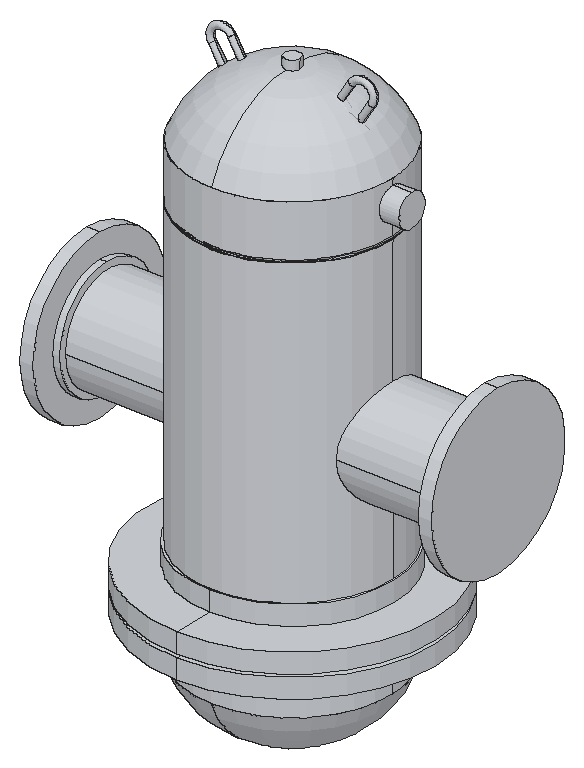
Revit family "WVA-8", category Mechanical Equipment, Revit 2014
Parameters (values of type "WVA-8")
  SideDrainExtrusion = CylinderHalfLength * 0.13123  # 1.54195"
  PipeConnectorDiameter = 8"
  PartNumber = "72080080"
  MaximumOperatingTemperature = "240°F"
  MaximumOperatingPressure = "125 PSIG"
  MaximumFlow = "945 GPM"
  HookWidth = 1.89491"
  SideFlangeThickness1 = 161/256"
  SideFlangeThickness = 1 1/16"
  LeftHookDistance = 1 1/16"
  TopExtrusionDiameter = A * 0.1111  # 2.61085"
  SideFlangeStep2 = 13 149/256"
  SideFlangeStep1 = 9 175/256"
  PipeDiameter = 8 5/8"
  HookTopDistance = B * 0.01386  # 0.67914"
  HookDistance = A * 0.19597  # 4.60529"
  URL = "http://westank.com/"
  TotalHeight = B * 0.1364  # 6 175/256"
  Step5Diameter = A * 0.21818  # 5.12725"
  Step4Diameter = A * 0.25455  # 5.98181"
  Step3Diameter = A * 0.18182  # 4.27277"
  Step2Diameter = A * 0.10909  # 2.56362"
  Step1Diameter = A * 0.05454  # 1.28169"
  RingDistance = B * 0.19599  # 9.60351"
  RevolveRadius = CylindarDia / 2  # 8.225"
  Model = "WVA-8"
  Manufacturer = "Wessels Company"
  HookDiameter = A * 0.0223  # 0.52405"
  Height2 = B * 0.00547  # 0.26803"
  Height1 = B * 0.03268  # 1.60132"
  DrainExtrusionPosition = B * 0.03671  # 1.79879"
  D = 24 1/2"
  CylinderHeight = B * 0.781  # 38.269"
  CylinderHalfLength = A / 2  # 11 3/4"
  CouplingHeight = B * 0.15525  # 7.60725"
  C = 33 5/8"
  BottomRevolveHeight = B * 0.10886  # 5.33414"
  BottomExtrusionHeight = B * 0.01095  # 0.53655"
  B = 49"
  CylindarDia = A * 0.7  # 16.45"
  NumberOfArray = 9
  ArrayRadius = CylindarDia * 0.62598  # 10.29744"
  ApproximateShipmentWeight = "700 lbs"
  A = 23 1/2"
Reference planes (in)
  plane 1: z = 0
  plane 2 "Center (Left/Right)": x = 0
  plane 3: x = -8.225
  plane 4: y = 1.09449
  plane 5: y = -7.13051
  plane 6: x = 8.225
  plane 7: z = 49
  plane 8: z = 24.5
  plane 9: y = -15.35551
  plane 10: z = 43.6345
  plane 11: z = 5.3655
  plane 12: y = -7.63051
  plane 13: y = -6.63051
  plane 14: z = 43.14017
  plane 15: z = 40.52933
  plane 16: z = 41.83475
  plane 17: x = 11.75
  plane 18: z = 39.39649
  plane 19: z = 39.14649
  plane 20: x = 0
  plane 21: z = 5.86159
  plane 22: x = -11.75
  plane 23: y = -18.88051
  plane 24: y = 4.61949
  plane 25: x = 8.725
  plane 26: z = 4.08442
  plane 27: z = 0.53655
  plane 28: z = 5.87069
  plane 29: y = -2.15551
  plane 30: y = -12.10551
  plane 31: x = -16.8125
  plane 32: x = 16.8125
  plane 33: z = 24.5
  plane 34: x = 2
  plane 35: x = -2.03354
Forms (in)
  Extrusion 1, solid
    sketch origin (0, 0, 0) x (1, 0, 0) y (0, 1, 0)
      loop
        circle (0, -7.13051) r 8.225
    from 5.87069 to 43.6345
  Revolve 2, solid
    sketch origin (0, 0, 0) x (0, 1, 0) y (0, 0, 1)
      loop
        line (-7.13051, 43.6345) -> (-7.13051, 49)
        arc (-7.13051, 49) -> (-12.09604, 47.62489) -> (-15.35551, 43.6345) r 8.50182
        line (-15.35551, 43.6345) -> (-7.13051, 43.6345)
      axis (-7.13051, 49) -> (-7.13051, 43.6345)
    angle from 0 to 360
  Revolve 3, solid
    sketch origin (0, 0, 23) x (0, 1, 0) y (0, 0, 1)
      loop
        line (-7.13051, -17.12931) -> (-15.35551, -17.12931)
        arc (-15.35551, -17.12931) -> (-12.12238, -21.15232) -> (-7.13051, -22.46345) r 8.24124
        line (-7.13051, -22.46345) -> (-7.13051, -17.12931)
      axis (-7.13051, -22.46345) -> (-7.13051, -17.12931)
    angle from 0 to 360
  Extrusion 4, solid
    sketch origin (11.75, -180, 55.70663) x (0, 0, 1) y (0, -1, 0)
      loop
        circle (-13.87188, -172.86949) r 1.30543
    from -1.98305 to -4.25364
  Revolve 5, void
    sketch origin (0, 0, 0) x (0, 1, 0) y (0, 0, 1)
      loop
        line (1.14136, 39.46343) -> (1.00252, 39.26515) -> (1.00252, 39.14649) -> (1.14136, 39.14649) -> (1.14136, 39.46343)
      axis (-7.13051, 39.46343) -> (-7.13051, 39.14649)
    angle from 0 to 360
  Revolve 6, solid
    sketch origin (0, 0, 0) x (0, 1, 0) y (0, 0, 1)
      loop
        line (1.27519, 9.20857) -> (4.61949, 9.20857) -> (4.61949, 10.80989) -> (1.69769, 10.80989) -> (1.69769, 11.07792) -> (4.61949, 11.07792) -> (4.61949, 12.67924) -> (1.27519, 12.67924) -> (1.27519, 14.29085) -> (1.09449, 14.29085) -> (1.09449, 7.60725) -> (1.27519, 7.60725) -> (1.27519, 9.20857)
      axis (-7.13051, 14.29085) -> (-7.13051, 7.60725)
    angle from 0 to 360
  Extrusion 7, solid
    sketch origin (0, 0, 0) x (1, 0, 0) y (0, 1, 0)
      loop
        circle (0, -7.13051) r 0.64085
    from 0 to 0.53655
  Extrusion 8, solid
    sketch origin (0, 0, 0) x (0, 1, 0) y (0, 0, 1)
      loop
        circle (-7.13051, 24.5) r 4.3125
    from -15.12109 to 15.12109
  Extrusion 9, solid
    sketch origin (-16.8125, -180, 25.05775) x (0, 0, 1) y (0, -1, 0)
      loop
        circle (-0.55775, -172.86949) r 4.8418
    from 1.69141 to 1.0625
  Extrusion 10, solid
    sketch origin (-16.8125, -180, 25.05775) x (0, 0, 1) y (0, -1, 0)
      loop
        circle (-0.55775, -172.86949) r 6.79102
    from 0 to 1.0625
  Extrusion 11, solid
    sketch origin (7.625, -180, 25.05775) x (0, 0, 1) y (0, 1, 0)
      loop
        circle (-0.55775, 172.86949) r 4.8418
    from -7.49609 to -8.125
  Extrusion 12, solid
    sketch origin (7.625, -180, 25.05775) x (0, 0, 1) y (0, 1, 0)
      loop
        circle (-0.55775, 172.86949) r 6.79102
    from -9.1875 to -8.125
  Extrusion 13, solid
    sketch origin (-60.41868, -180, 49) x (-1, 0, 0) y (0, -1, 0)
      loop
        circle (-60.41868, -172.86949) r 0.64085
    from 0 to 0.71071
  Sweep 14, solid
    path origin (-0.43027, -3.21467, 159.61374) x (0.524972, -0.002835, 0.851115) y (0.851085, 0.010672, -0.524919)
      loop
        line (-92.98541, 62.31718) -> (-90.8911, 62.31718)
        arc (-90.8911, 62.31718) -> (-89.94365, 63.26464) -> (-90.8911, 64.21209) r 0.94745
        line (-90.8911, 64.21209) -> (-92.96355, 64.21209)
    profile origin (4.34192, -2.28895, 48.65229) x (0.851085, 0.010672, -0.524919) y (-0.007595, 0.999939, 0.008016)
      loop
        circle (0, -4.875) r 0.26203
  Sweep 15, solid
    path origin (0.43027, -3.21467, 159.61374) x (-0.524972, -0.002835, 0.851115) y (0.851085, -0.010672, 0.524919)
      loop
        line (-92.98541, -62.31718) -> (-90.8911, -62.31718)
        arc (-90.8911, -62.31718) -> (-89.94365, -63.26464) -> (-90.8911, -64.21209) r 0.94745
        line (-90.8911, -64.21209) -> (-92.96355, -64.21209)
    profile origin (-4.34192, -2.28895, 48.65229) x (0.851085, -0.010672, 0.524919) y (0.007595, 0.999939, 0.008016)
      loop
        circle (0, -4.875) r 0.26203
Cuts and joins
  Revolve 5 cuts Extrusion 1
  joined: Extrusion 1, Extrusion 4, Revolve 6, Extrusion 8
  joined: Revolve 2, Sweep 14, Sweep 15
Dimensions and locks (in)
  equal spacing: plane 6, plane 2 "Center (Left/Right)", plane 3
  "CylindarDia": plane 6 to plane 3
  equal spacing: plane 7, plane 8, level
  "B": plane 7 to level
  equal spacing: plane 3, plane 2 "Center (Left/Right)", plane 6
  plane 3 to plane 6 = 16.45"
  equal spacing: plane 4, plane 5, plane 9
  plane 4 to plane 9 = 16.45"
  "RevolveRadius": plane 9 to plane 5
  equal spacing: plane 10, plane 8, plane 11
  "CylinderHeight": plane 10 to plane 11
  equal spacing: plane 12, plane 5, plane 13
  plane 12 to plane 13 = 1"
  plane 14 to plane 15 = 2.61084"
  equal spacing: plane 14, plane 16, plane 15
  plane 10 to plane 14 = 0.49433"
  locked: Extrusion 4 sketch curve to plane 5
  locked: Extrusion 4 sketch curve to plane 16 at 0
  locked: Revolve 5 sketch curve to Revolve 5 sketch curve at 0.13884
  locked: plane 18 to plane 19 at 0.25
  "RingDistance": plane 7 to plane 18
  locked: plane 21 to plane 11 at 0.49609
  equal spacing: plane 17, plane 2 "Center (Left/Right)", plane 22
  "A": plane 17 to plane 22
  equal spacing: plane 23, plane 5, plane 24
  "A": plane 23 to plane 24
  locked: plane 25 to plane 6 at 0.5
  Revolve 6 to plane 26 = 5.12415"
  "Height1": Revolve 6 sketch curve to Revolve 6 sketch curve  (x3)
  "Height2": Revolve 6 sketch curve to Revolve 6 sketch curve
  "TotalHeight": Revolve 6 sketch curve to Revolve 6 sketch curve
  "CouplingHeight": level to Revolve 6 sketch curve
  equal spacing: plane 30, plane 5, plane 29
  equal spacing: plane 32, plane 2 "Center (Left/Right)", plane 31
  "C": plane 32 to plane 31
  "D": plane 33 to level
  "SideFlangeThickness": Extrusion 10 to plane 31
  "SideFlangeThickness1": Extrusion 9 to Extrusion 10
  "SideFlangeThickness": plane 32 to Extrusion 12
  "SideFlangeThickness1": Extrusion 11 to Extrusion 12
  locked: plane 20 to Extrusion 13 sketch curve at 0
  locked: plane 5 to Extrusion 13 sketch curve at 0
  "BottomExtrusionHeight": plane 27 to level
  "BottomRevolveHeight": plane 28 to plane 27
  locked: plane 20 to Extrusion 7 sketch curve at 0
  locked: Extrusion 7 sketch curve to plane 5 at 0
  plane 34 to plane 20 to plane 35 = 2", 2.03354"
  "SideDrainExtrusion": Extrusion 4 to plane 6
  "HookWidth": Sweep 14 sketch curve to Sweep 14 sketch curve
  "HookWidth": Sweep 15 sketch curve to Sweep 15 sketch curve
  "CylindarDia": diameter of Extrusion 1 sketch curve
  "TopExtrusionDiameter": diameter of Extrusion 4 sketch curve
  "Step1Diameter": diameter of Extrusion 13 sketch curve
  "PipeDiameter": diameter of Extrusion 8 sketch curve
  "SideFlangeStep1": diameter of Extrusion 9 sketch curve
  "SideFlangeStep2": diameter of Extrusion 10 sketch curve
  "SideFlangeStep1": diameter of Extrusion 11 sketch curve
  "SideFlangeStep2": diameter of Extrusion 12 sketch curve
  "Step1Diameter": diameter of Extrusion 7 sketch curve
  "HookDiameter": diameter of Sweep 14 sketch curve
  "HookDiameter": diameter of Sweep 15 sketch curve
  aligned and locked: level to plane 1
  aligned and locked: Revolve 2 sketch curve to Extrusion 1
  aligned and locked: plane 5 to Revolve 2 sketch curve  (x2)
  aligned and locked: Revolve 2 sketch curve to plane 5
  aligned and locked: Revolve 3 sketch curve to Extrusion 1
  aligned and locked: plane 5 to Revolve 3 sketch curve
  aligned and locked: plane 9 to Revolve 3 sketch curve
  aligned and locked: plane 9 to Revolve 2 sketch curve
  aligned and locked: plane 10 to Extrusion 1
  aligned and locked: Revolve 5 sketch curve to plane 19
  aligned and locked: plane 20 to plane 2 "Center (Left/Right)"
  aligned and locked: Revolve 6 sketch curve to Revolve 6 sketch curve
  aligned and locked: Revolve 6 sketch curve to plane 4
  aligned and locked: Revolve 6 sketch curve to plane 5
  aligned and locked: plane 24 to Revolve 6 sketch curve
  aligned and locked: Revolve 5 sketch curve to plane 5
  aligned and locked: Extrusion 1 to plane 28
  aligned and locked: plane 27 to Extrusion 7
  aligned and locked: Extrusion 7 to level
  aligned and locked: Extrusion 10 to plane 31
  aligned and locked: Extrusion 9 to Extrusion 10
  aligned and locked: Extrusion 8 to Extrusion 9
  aligned and locked: Extrusion 12 to Extrusion 11
  aligned and locked: Extrusion 8 to Extrusion 11
  aligned and locked: plane 32 to Extrusion 12
  aligned and locked: Extrusion 13 to plane 7
Automatic sketch dimensions
  Revolve 3 sketch curve to plane 5 = 0"
  Revolve 3 sketch curve to plane 27 = 0"  (x2)
  Revolve 3 sketch curve to plane 28 = 0"
  Revolve 3 sketch curve to plane 12 = 0.00764"
  Revolve 5 sketch curve to plane 4 = 0.09196"
  plane 19 to Revolve 5 sketch curve = 0.11866"
  plane 18 to Revolve 5 sketch curve = 0.06694"
  Revolve 5 sketch curve to level = 12"
  Revolve 2 sketch curve to plane 10 = 0"
  Revolve 2 sketch curve to plane 7 = 0"
  Revolve 2 sketch curve to plane 15 = 0.02511"
  plane 7 to Revolve 2 sketch curve = 2.7327"
  plane 7 to Revolve 5 sketch curve = 72 7/8"
  Extrusion 1 sketch curve to plane 2 "Center (Left/Right)" = 0"
  Extrusion 1 sketch curve to plane 5 = 0"
  Revolve 6 sketch curve to plane 4 = 0"
  Revolve 6 sketch curve to Revolve 6 sketch curve = 0.1807"  (x2)
  plane 4 to Revolve 6 sketch curve = 0.6032"
  Revolve 6 sketch curve to level = 12"
  plane 7 to Revolve 6 sketch curve = 73"
  Extrusion 8 sketch curve to plane 5 = 0"
  Extrusion 8 sketch curve to plane 8 = 0"
  Extrusion 9 sketch curve to plane 5 = 0"
  Extrusion 9 sketch curve to plane 8 = 0"
  Extrusion 10 sketch curve to plane 5 = 0"
  Extrusion 10 sketch curve to plane 8 = 0"
  Extrusion 11 sketch curve to plane 5 = 0"
  Extrusion 11 sketch curve to plane 8 = 0"
  Extrusion 12 sketch curve to plane 5 = 0"
  Extrusion 12 sketch curve to plane 8 = 0"
  Sweep 14 sketch curve to Sweep 14 sketch curve = 2.07245"
  Sweep 14 sketch curve to Sweep 14 sketch curve = 0.02185"
  profile plane to Sweep 14 sketch curve = 0"
  Sweep 14 sketch curve to profile plane = 4 7/8"
  Sweep 15 sketch curve to Sweep 15 sketch curve = 2.07245"
  Sweep 15 sketch curve to Sweep 15 sketch curve = 0.02185"
  Sweep 15 sketch curve to profile plane = 0"
  Sweep 15 sketch curve to profile plane = 4 7/8"
Connectors (in)
  piping at (16.8125, -7.13051, 24.5), diameter 8, driven by "PipeConnectorDiameter"
    settings: on Extrusion 12, index 1, connector inside diameter 24", connector length 0", flow factor 0, pipe flow 0 GPM, pressure drop 0.00 psi, fitting loss kfactor 0, connector angle 0.00°, fixture units 0, engagement length 0", angle of deflection 0.00°, flow configuration 0, flow direction 0, fitting loss method 0, system type 7, joint type 0, gender type 0, connector reference index 2, connector utility 0, adjustable connector no, is connector primary yes, connector description ""
  piping at (-16.8125, -7.13051, 24.5), diameter 8, driven by "PipeConnectorDiameter"
    settings: on Extrusion 10, index 2, connector inside diameter 24", connector length 0", flow factor 0, pipe flow 0 GPM, pressure drop 0.00 psi, fitting loss kfactor 0, connector angle 0.00°, fixture units 0, engagement length 0", angle of deflection 0.00°, flow configuration 0, flow direction 0, fitting loss method 0, system type 7, joint type 0, gender type 0, connector reference index 1, connector utility 0, adjustable connector no, is connector primary no, connector description ""
